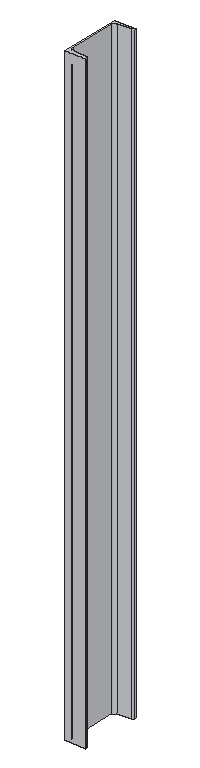
Revit family "StructuralColumns_TaperFlangeChannelProfile", category Structural Columns, Revit 2018
Family settings
  Section Shape = C-channel Sloped Flange
  Material for Model Behavior = Steel
  Always export as geometry = No
  Beam cutback in plan = From bounding box
  Cut with Voids When Loaded = No
  Symbolic Representation = From Project Settings
  Shared = No
  Show family pre-cut in plan views = Yes
Parameters (values of type "TaperFlangeChannel")
  disp2 = 2 * Flange Fillet * cos(Sloped Flange Angle / 2 + 90.00° / 2)  # 10.854 mm
  disp1 = 2 * Web Fillet * cos(Sloped Flange Angle / 2 + 90.00° / 2)  # 21.707 mm
  Width = 100 mm
  Web Thickness = 10 mm
  Web Fillet = 16 mm
  Structural Material [instance] = none
  Sloped Flange Angle = 4.57°
  Height = 300 mm
  Flange Thickness Location = Width / 2  # 50 mm
  Flange Thickness = 16 mm
  Flange Fillet = 8 mm
  Centroid Vertical = 0.0 cm
  Centroid Horizontal = 27 mm
  Type Comments = ""
  Assembly Code = ""
Reference planes
  plane 1 "Center (Front/Back)": y = 0
  plane 2: z = 0
  plane 3 "Center (Left/Right)": x = 0
  plane 4: y = 150
  plane 5: y = -150
  plane 6: y = 134
  plane 7: y = -134
  plane 8: x = 73
  plane 9: x = -27
  plane 10: x = 23
  plane 11: x = -17
Forms (mm)
  Extrusion 1, solid, material <- "Structural Material", detail levels fine
    sketch origin (0, 0, 0) x (-1, 0, 0) y (0, -1, 0)
      loop
        line (-73, -150) -> (27, -150) -> (27, 150) -> (-73, 150) -> (-73, 145.383)
        arc (-73, 145.383) -> (-70.878, 139.956) -> (-65.637, 137.408) r 8
        line (-65.637, 137.408) -> (2.275, 131.98)
        arc (2.275, 131.98) -> (12.756, 126.884) -> (17, 116.031) r 16
        line (17, 116.031) -> (17, -116.031)
        arc (17, -116.031) -> (12.756, -126.884) -> (2.275, -131.98) r 16
        line (2.275, -131.98) -> (-65.637, -137.408)
        arc (-65.637, -137.408) -> (-70.878, -139.956) -> (-73, -145.383) r 8
        line (-73, -145.383) -> (-73, -150)
    from 0 to 3000
  Extrusion 2, solid, material <- "Structural Material", detail levels medium
    sketch origin (0, 0, 0) x (-1, 0, 0) y (0, -1, 0)
      loop
        line (-73, -150) -> (27, -150) -> (27, 150) -> (-73, 150) -> (-73, 137.997) -> (17, 130.803) -> (17, -130.803) -> (-73, -137.997) -> (-73, -150)
    from 0 to 3000
Lines and regions (mm)
  symbolic lines, style "Hidden Faces", detail levels medium+fine
    curve 1: line (27, 0, 3000) -> (27, 0, 0)
  symbolic lines, style "StructuralColumnStickSymbols", detail levels coarse
    curve 2: line (-27, 150, 0) -> (73, 150, 0)
    curve 3: line (73, -150, 0) -> (-27, -150, 0)
    curve 4: line (-27, 150, 0) -> (-27, -150, 0)
  reference lines
    curve 5: line (23, 134, 0) -> (-256.11, 111.69, 0)
    curve 6: line (23, -134, 0) -> (-315.919, -106.91, 0)
Dimensions and locks
  "Flange Thickness": plane 6 to plane 4
  "Flange Thickness": plane 5 to plane 7
  equal spacing: plane 5, plane 1 "Center (Front/Back)", plane 4
  "Height": plane 5 to plane 4
  "Width": plane 8 to plane 9
  "Flange Thickness Location": plane 8 to plane 10
  "disp2": Extrusion 1 sketch curve to Extrusion 1 sketch curve  (x2)
  "disp1": Extrusion 1 sketch curve to Extrusion 1 sketch curve  (x2)
  "Centroid Horizontal": plane 3 "Center (Left/Right)" to plane 9
  "Web Thickness": plane 11 to plane 9
  "Flange Fillet": radius of Extrusion 1 sketch curve  (x2)
  "Web Fillet": radius of Extrusion 1 sketch curve  (x2)
  "Sloped Flange Angle": angle plane 6 to curve 5
  "Sloped Flange Angle": angle curve 6 to plane 7
  aligned and locked: level to plane 2
  aligned and locked: plane 2 to curve 1
  aligned and locked: level to curve 1
  aligned and locked: plane 9 to Extrusion 1 sketch curve
  aligned and locked: curve 5 to plane 10
  aligned and locked: curve 5 to plane 6
  aligned and locked: Extrusion 1 sketch curve to curve 5
  aligned and locked: Extrusion 1 sketch curve to plane 8
  aligned and locked: curve 6 to plane 10
  aligned and locked: curve 6 to plane 7
  aligned and locked: Extrusion 1 sketch curve to curve 6
  aligned and locked: plane 8 to Extrusion 1 sketch curve
  aligned and locked: curve 3 to plane 8
  aligned and locked: curve 2 to plane 8
  aligned and locked: plane 9 to Extrusion 2 sketch curve
  aligned and locked: Extrusion 2 sketch curve to curve 5
  aligned and locked: Extrusion 2 sketch curve to curve 6
  aligned and locked: curve 4 to plane 9
  aligned and locked: Extrusion 2 sketch curve to plane 8
  aligned and locked: plane 8 to Extrusion 2 sketch curve
  aligned and locked: Extrusion 2 sketch curve to plane 11
  aligned and locked: Extrusion 1 sketch curve to plane 11
Automatic sketch dimensions
  curve 1 to plane 10 = 4 mm
  plane 5 to curve 3 = 0 mm
  plane 4 to curve 4 = 0 mm
  plane 4 to Extrusion 1 sketch curve = 0 mm
  plane 5 to Extrusion 1 sketch curve = 0 mm
  plane 4 to Extrusion 2 sketch curve = 0 mm
  plane 5 to Extrusion 2 sketch curve = 0 mm
